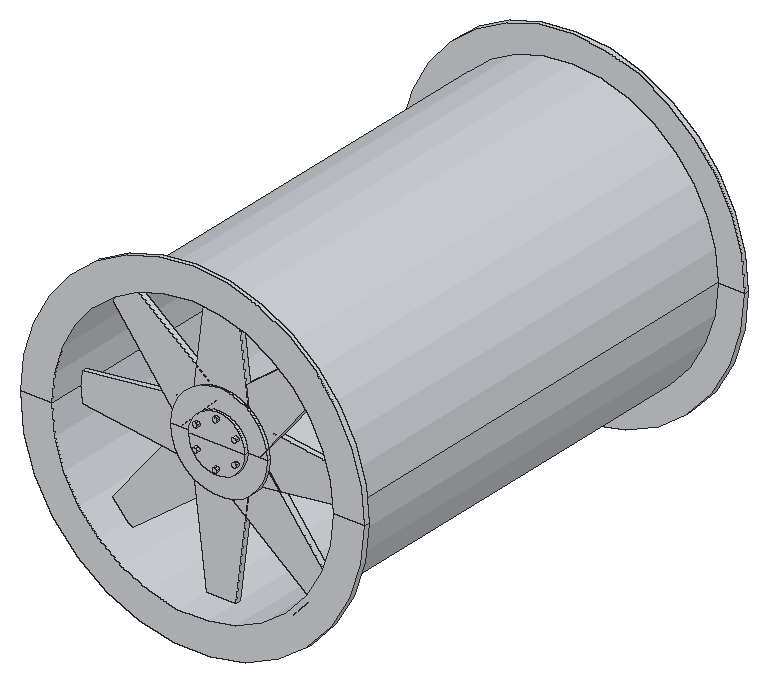
Revit family "CADS_Vent-Axia_MechEquip_Fan_BIFA_315_3Ph4P - EXTRACT", category Mechanical Equipment, Revit 2020
Family settings
  Round Connector Dimension = Use Diameter
  Part Type = Normal
  OmniClass Number = 23.75.00.00
  OmniClass Title = Climate Control (HVAC)
  Work Plane-Based = No
  Always vertical = Yes
  Cut with Voids When Loaded = No
  Shared = No
  Room Calculation Point = No
Parameters (values of type "BIFA313438")
  WorkingPressure = 0.0 Pa
  WarrantyStartDate [instance] = "1900-12-31T23:59:59"
  WarrantyPeriod = ""
  WarrantyIdentifier = "N/A"
  WarrantyGuarantorParts = "tech@vent-axia.com"
  WarrantyGuarantorLabor = "tech@vent-axia.com"
  WarrantyGuarantor = "Vent-Axia Limited"
  WarrantyEndDate [instance] = "1900-12-31T23:59:59"
  WarrantyContent = ""
  TemperatureRange = ""
  TagNumber [instance] = "N/A"
  SustainabilityPerformance = ""
  Status = "New"
  Size = ""
  Shape = ""
  ServiceLifeType = ""
  ServiceLifeDuration = ""
  SerialNumber [instance] = "N/A"
  ReplacementCost = ""
  RatedVoltage = 0 V
  RatedCurrent = 0 A
  Quantity = 1
  ProductionYear = ""
  PressureCurve = ""
  PowerFactor = ""
  PointOfContact = ""
  NumberOfPoles = 0
  NominalWidth = 315 mm
  NominalLength = 535 mm
  NominalHeight = 315 mm
  NominalFrequencyRange = ""
  NominalDiameter = 315 mm
  ModelReference = "BIF 315MM 3PH 4P 38DEG"
  ModelNumber = "BIFA313438"
  Material = ""
  ManufacturerE-Mail = "tech@vent-axia.com"
  ManufacturerAddress = "Fleming Way\nCrawley \nRH10 9YX"
  IsExtendedWarranty = no
  InsulationStandardClass = ""
  InstallationDate [instance] = "1900-12-31T23:59:59"
  IfcExportType [instance] = ""
  IfcExportAs = "IfcFanType"
  IP_Code = ""
  HasProtectiveEarth = no
  GrossWeight = 0.00 kg
  Grade = ""
  GlobalTradeItemNumber [instance] = "N/A"
  Fitting Type = "Ignore"
  Finish = ""
  Features = ""
  ExteriorInsulation = no
  ExpectedServiceLife = 0
  Exclusions = ""
  DurationUnit = "Year"
  Default Elevation = 0 mm
  Constituents = ""
  ConductorFunction = ""
  Color = ""
  CodePerformance = ""
  Category = ""
  CADS_Usage = 0
  CADS_Index = 0
  AssetType = "FIXED"
  AssetIdentifier [instance] = "N/A"
  AssemblyPlace = "UNKNOWN"
  ArticleNumber [instance] = "N/A"
  AirflowRateRange = 0.0 L/s
  Air Flow [instance] = 0.0 L/s
  AccessibilityPerformance = ""
Types (14, lengths in mm): name | ModelReference | ModelNumber
  BIFA313410 | "BIF 315MM 3PH 4P 10DEG" | "BIFA313410"
  BIFA313412 | "BIF 315MM 3PH 4P 12DEG" | "BIFA313412"
  BIFA313414 | "BIF 315MM 3PH 4P 14DEG" | "BIFA313414"
  BIFA313416 | "BIF 315MM 3PH 4P 16DEG" | "BIFA313416"
  BIFA313418 | "BIF 315MM 3PH 4P 18DEG" | "BIFA313418"
  BIFA313420 | "BIF 315MM 3PH 4P 20DEG" | "BIFA313420"
  BIFA313422 | "BIF 315MM 3PH 4P 22DEG" | "BIFA313422"
  BIFA313424 | "BIF 315MM 3PH 4P 24DEG" | "BIFA313424"
  BIFA313426 | "BIF 315MM 3PH 4P 26DEG" | "BIFA313426"
  BIFA313428 | "BIF 315MM 3PH 4P 28DEG" | "BIFA313428"
  BIFA313432 | "BIF 315MM 3PH 4P 32DEG" | "BIFA313432"
  BIFA313434 | "BIF 315MM 3PH 4P 34DEG" | "BIFA313434"
  BIFA313436 | "BIF 315MM 3PH 4P 36DEG" | "BIFA313436"
  BIFA313438 | "BIF 315MM 3PH 4P 38DEG" | "BIFA313438"
Reference planes
  plane 1 "Center (Front/Back)": y = 0
  plane 2: z = 0
  plane 3 "Center (Left/Right)": x = 0
  plane 4: x = -157.5
  plane 5: x = 157.5
  plane 6 "F": y = -267.5
  plane 7 "B": y = 267.5
  plane 8: x = -192.5
  plane 9: y = 262.5
  plane 10: y = -262.5
  plane 11: x = -162.5
  plane 12: y = -227.5
Forms (mm)
  Revolve 1, solid
    sketch origin (0, 0, 0) x (1, 0, 0) y (0, 1, 0)
      loop
        line (-192.5, -267.5) -> (-157.5, -267.5) -> (-157.5, 267.5) -> (-192.5, 267.5) -> (-192.5, 262.5) -> (-162.5, 262.5) -> (-162.5, -262.5) -> (-192.5, -262.5) -> (-192.5, -267.5)
      axis (0, 267.5) -> (0, -267.5)
    angle from 0 to 360
Dimensions and locks
  equal spacing: plane 4, plane 3 "Center (Left/Right)", plane 5
  equal spacing: plane 7 "B", plane 1 "Center (Front/Back)", plane 6 "F"
  "NominalLength": plane 7 "B" to plane 6 "F"
  "NominalDiameter": plane 4 to plane 5
  locked: plane 11 to plane 4 at 5
  locked: plane 8 to plane 11 at 30
  locked: plane 6 "F" to plane 10 at 5
  locked: plane 7 "B" to plane 9 at 5
  locked: plane 6 "F" to plane 12 at 40
  aligned and locked: level to plane 2
  aligned and locked: nested 1 to plane 12
Automatic sketch dimensions
  plane 6 "F" to Revolve 1 sketch curve = 0 mm
  Revolve 1 sketch curve to plane 8 = 0 mm  (x2)
  plane 10 to Revolve 1 sketch curve = 0 mm
  Revolve 1 sketch curve to plane 11 = 0 mm
  Revolve 1 sketch curve to plane 4 = 0 mm
  Revolve 1 sketch curve to plane 3 "Center (Left/Right)" = 0 mm
  plane 1 "Center (Front/Back)" to Revolve 1 sketch curve = 0 mm
  Revolve 1 sketch curve to plane 9 = 0 mm
  Revolve 1 sketch curve to plane 7 "B" = 0 mm
  plane 6 "F" to Revolve 1 sketch curve = 115 mm
Nested families
  nested 1: "Fan for BIFA" at (0, -227.5, 0), ND <- "NominalDiameter", type "Fan for BIFA"
    with hub 31.5 mm, ND 315 mm, BoltPCD 25.2 mm, Bolt Count 6, B_Diam 5 mm
  nested 2: "Bolts" at (21.824, -236.672, -12.6) x (-0.5, 0, -0.866) z (0, 1, 0), type "Bolts"
    with bd 5 mm
  nested 3: "Bolts" at (0, -236.672, -25.2) x (-1, 0, 0) z (0, 1, 0), type "Bolts"
    with bd 5 mm
  nested 4: "Bolts" at (-21.824, -236.672, -12.6) x (-0.5, 0, 0.866) z (0, 1, 0), type "Bolts"
    with bd 5 mm
  nested 5: "Bolts" at (-21.824, -236.672, 12.6) x (0.5, 0, 0.866) z (0, 1, 0), type "Bolts"
    with bd 5 mm
  nested 6: "Bolts" at (21.824, -236.672, 12.6) x (0.5, 0, -0.866) z (0, 1, 0), type "Bolts"
    with bd 5 mm
  nested 7: "Bolts" at (0, -236.672, 25.2) x (1, 0, 0) z (0, 1, 0), type "Bolts"
    with bd 5 mm
  nested 8: "BIFA Blade" at (0, -227.5, 0), type "BIFA Blade"
    with a 20.00°, HR 31.5 mm, HD 63 mm, BT 31.5 mm, BR 126 mm, BH 40 mm, BD 315 mm, BB 63 mm
  nested 9: "BIFA Blade" at (0, -227.5, 0) x (0.7071, 0, -0.7071) z (0.7071, 0, 0.7071), type "BIFA Blade"
    with a 20.00°, HR 31.5 mm, HD 63 mm, BT 31.5 mm, BR 126 mm, BH 40 mm, BD 315 mm, BB 63 mm
  nested 10: "BIFA Blade" at (0, -227.5, 0) x (0, 0, -1) z (1, 0, 0), type "BIFA Blade"
    with a 20.00°, HR 31.5 mm, HD 63 mm, BT 31.5 mm, BR 126 mm, BH 40 mm, BD 315 mm, BB 63 mm
  nested 11: "BIFA Blade" at (0, -227.5, 0) x (-0.7071, 0, -0.7071) z (0.7071, 0, -0.7071), type "BIFA Blade"
    with a 20.00°, HR 31.5 mm, HD 63 mm, BT 31.5 mm, BR 126 mm, BH 40 mm, BD 315 mm, BB 63 mm
  nested 12: "BIFA Blade" at (0, -227.5, 0) x (-1, 0, 0) z (0, 0, -1), type "BIFA Blade"
    with a 20.00°, HR 31.5 mm, HD 63 mm, BT 31.5 mm, BR 126 mm, BH 40 mm, BD 315 mm, BB 63 mm
  nested 13: "BIFA Blade" at (0, -227.5, 0) x (-0.7071, 0, -0.7071) z (-0.7071, 0, 0.7071), type "BIFA Blade"
    with a 20.00°, HR 31.5 mm, HD 63 mm, BT 31.5 mm, BR 126 mm, BH 40 mm, BD 315 mm, BB 63 mm
  nested 14: "BIFA Blade" at (0, -227.5, 0) x (0, 0, -1) z (-1, 0, 0), type "BIFA Blade"
    with a 20.00°, HR 31.5 mm, HD 63 mm, BT 31.5 mm, BR 126 mm, BH 40 mm, BD 315 mm, BB 63 mm
  nested 15: "BIFA Blade" at (0, -227.5, 0) x (0.7071, 0, -0.7071) z (-0.7071, 0, -0.7071), type "BIFA Blade"
    with a 20.00°, HR 31.5 mm, HD 63 mm, BT 31.5 mm, BR 126 mm, BH 40 mm, BD 315 mm, BB 63 mm
Connectors
  hvac at (0, -267.5, 0), driven by "NominalDiameter", driven by "Air Flow"
    settings: on Revolve 1, index 1, duct flow 0.0 L/s, flow factor 0, pres drop 0.0 Pa, loss coef 0, conn angle 0.00°, conn width 304.8 mm, conn height 304.8 mm, conn diameter 315 mm, duct sys type 2, conn prof type 0, flow config 0, flow direction 1, loss method 0, conn ref index -1, conn util no, is conn primary yes, conn desc ""
  hvac at (0, 267.5, 0), driven by "NominalDiameter", driven by "Air Flow"
    settings: on Revolve 1, index 2, duct flow 0.0 L/s, flow factor 0, pres drop 0.0 Pa, loss coef 0, conn angle 0.00°, conn width 304.8 mm, conn height 304.8 mm, conn diameter 315 mm, duct sys type 3, conn prof type 0, flow config 1, flow direction 2, loss method 0, conn ref index -1, conn util no, is conn primary no, conn desc ""
Definition of nested family "Fan for BIFA"
  Parameters (values of type "Fan for BIFA")
    hub [instance] = ND / 10  # 50 mm
    ND [instance] = 500 mm
    Model = "."
    Default Elevation = 0 mm
    BoltPCD [instance] = hub - (hub * 0.2)  # 40 mm
    Bolt Count [instance] = if(hub < 50 mm, 6, 8)  # 8
    B_Diam [instance] = if(hub < 50 mm, 5 mm, 10 mm)  # 10 mm
  Reference planes
    plane 1 "Center (Front/Back)": y = 0
    plane 2: z = 0
    plane 3 "Center (Left/Right)": x = 0
    plane 4 "back": y = 20
    plane 5 "bolts": y = -9.172
    plane 6 "B": z = 50
    plane 7: x = -72.587
    plane 8: x = -50
    plane 9 "hubface": y = -6.172
  Forms (mm)
    Revolve 1, solid
      sketch origin (0, 0, 0) x (1, 0, 0) y (0, 1, 0)
        loop
          line (0, 20) -> (-50, 20) -> (-50, 10.504) -> (-72.587, 10.504) -> (-72.587, -2.597) -> (-50, -2.597) -> (-50, -6.172) -> (0, -6.172) -> (0, 20)
        axis (0, 20) -> (0, -6.172)
      angle from 0 to 360
    Extrusion 2, solid, not visible
      sketch origin (0, -6.347, -4) x (-1, 0, 0) y (0, 0, 1)
        loop
          circle (0, 84) r 5
      from 0 to 3
  Lines and regions (mm)
    symbolic lines
      curve 1: circle (0, -9.172, 0) r 40 normal (0, 1, 0)
    model lines, not visible
      curve 2: line (0, -6.347, 85) -> (0, -6.347, 75)
  Dimensions and locks
    "hub": plane 6 "B" to plane 2
    "hub": nested 3 to plane 3 "Center (Left/Right)"
    "hub": nested 4 to plane 3 "Center (Left/Right)"
    "hub": nested 5 to plane 3 "Center (Left/Right)"
    "hub": plane 3 "Center (Left/Right)" to nested 6
    "hub": Revolve 1 sketch curve to Revolve 1 sketch curve
    "hub": plane 3 "Center (Left/Right)" to nested 7
    "hub": plane 3 "Center (Left/Right)" to nested 8
    "hub": plane 3 "Center (Left/Right)" to nested 9
    "hub": plane 8 to plane 3 "Center (Left/Right)"
    plane 7 to plane 8 = 22.587 mm
    diameter of Extrusion 2 sketch curve = 10 mm
    "BoltPCD": radius of curve 1
    "BoltPCD": radius of radial array
    aligned and locked: level to plane 2
    aligned and locked: plane 6 "B" to nested 1
  Automatic sketch dimensions
    Revolve 1 sketch curve to plane 7 = 0 mm
    Revolve 1 sketch curve to plane 8 = 0 mm  (x2)
    Revolve 1 sketch curve to plane 3 "Center (Left/Right)" = 0 mm
    Revolve 1 sketch curve to plane 9 "hubface" = 0 mm
    plane 4 "back" to Revolve 1 sketch curve = 0 mm
    plane 1 "Center (Front/Back)" to Revolve 1 sketch curve = 2.597 mm
    plane 4 "back" to Revolve 1 sketch curve = 9.496 mm
    plane 4 "back" to Revolve 1 sketch curve = 5 mm
    Revolve 1 sketch curve to Revolve 1 sketch curve = 45 mm
    curve 1 to level = 0 mm
    curve 1 to plane 3 "Center (Left/Right)" = 0 mm
  Nested families
    nested 1: "BIFA Blade" at (0, 0, 25), BD <- "ND", HD <- "hub", type "BIFA Blade"
      with a 20.00°, HR 25 mm, HD 50 mm, BT 25 mm, BR 100 mm, BH 40 mm, BD 250 mm, BB 50 mm
    nested 2: "BIFA Blade" at (0, 0, 55), BD <- "ND", HD <- "hub", type "BIFA Blade", not visible
      with a 20.00°, HR 25 mm, HD 50 mm, BT 25 mm, BR 100 mm, BH 40 mm, BD 250 mm, BB 50 mm
    nested 3: "BIFA Blade" at (17.678, 0, 17.678) x (0.7071, 0, -0.7071) z (0.7071, 0, 0.7071), BD <- "ND", HD <- "hub", type "BIFA Blade"
      with a 20.00°, HR 25 mm, HD 50 mm, BT 25 mm, BR 100 mm, BH 40 mm, BD 250 mm, BB 50 mm
    nested 4: "BIFA Blade" at (25, 0, 0) x (0, 0, -1) z (1, 0, 0), BD <- "ND", HD <- "hub", type "BIFA Blade"
      with a 20.00°, HR 25 mm, HD 50 mm, BT 25 mm, BR 100 mm, BH 40 mm, BD 250 mm, BB 50 mm
    nested 5: "BIFA Blade" at (17.678, 0, -17.678) x (-0.7071, 0, -0.7071) z (0.7071, 0, -0.7071), BD <- "ND", HD <- "hub", type "BIFA Blade"
      with a 20.00°, HR 25 mm, HD 50 mm, BT 25 mm, BR 100 mm, BH 40 mm, BD 250 mm, BB 50 mm
    nested 6: "BIFA Blade" at (0, 0, -25) x (-1, 0, 0) z (0, 0, -1), BD <- "ND", HD <- "hub", type "BIFA Blade"
      with a 20.00°, HR 25 mm, HD 50 mm, BT 25 mm, BR 100 mm, BH 40 mm, BD 250 mm, BB 50 mm
    nested 7: "BIFA Blade" at (-17.678, 0, 17.678) x (-0.7071, 0, -0.7071) z (-0.7071, 0, 0.7071), BD <- "ND", HD <- "hub", type "BIFA Blade"
      with a 20.00°, HR 25 mm, HD 50 mm, BT 25 mm, BR 100 mm, BH 40 mm, BD 250 mm, BB 50 mm
    nested 8: "BIFA Blade" at (-25, 0, 0) x (0, 0, -1) z (-1, 0, 0), BD <- "ND", HD <- "hub", type "BIFA Blade"
      with a 20.00°, HR 25 mm, HD 50 mm, BT 25 mm, BR 100 mm, BH 40 mm, BD 250 mm, BB 50 mm
    nested 9: "BIFA Blade" at (-17.678, 0, -17.678) x (0.7071, 0, -0.7071) z (-0.7071, 0, -0.7071), BD <- "ND", HD <- "hub", type "BIFA Blade"
      with a 20.00°, HR 25 mm, HD 50 mm, BT 25 mm, BR 100 mm, BH 40 mm, BD 250 mm, BB 50 mm
    nested 10: "Bolts" at (0, -9.172, 40) x (1, 0, 0) z (0, 1, 0), bd <- "B_Diam", type "Bolts"
      with bd 10 mm
    nested 11: "Bolts" at (28.284, -9.172, 28.284) x (0.7071, 0, -0.7071) z (0, 1, 0), bd <- "B_Diam", type "Bolts"
      with bd 10 mm
    nested 12: "Bolts" at (-28.284, -9.172, 28.284) x (0.7071, 0, 0.7071) z (0, 1, 0), bd <- "B_Diam", type "Bolts"
      with bd 10 mm
    nested 13: "Bolts" at (-40, -9.172, 0) x (0, 0, 1) z (0, 1, 0), bd <- "B_Diam", type "Bolts"
      with bd 10 mm
    nested 14: "Bolts" at (-28.284, -9.172, -28.284) x (-0.7071, 0, 0.7071) z (0, 1, 0), bd <- "B_Diam", type "Bolts"
      with bd 10 mm
    nested 15: "Bolts" at (0, -9.172, -40) x (-1, 0, 0) z (0, 1, 0), bd <- "B_Diam", type "Bolts"
      with bd 10 mm
    nested 16: "Bolts" at (28.284, -9.172, -28.284) x (-0.7071, 0, -0.7071) z (0, 1, 0), bd <- "B_Diam", type "Bolts"
      with bd 10 mm
    nested 17: "Bolts" at (40, -9.172, 0) x (0, 0, -1) z (0, 1, 0), bd <- "B_Diam", type "Bolts"
      with bd 10 mm
  Definition of nested family "BIFA Blade"
    Parameters (values of type "BIFA Blade")
      a [instance] = 20.00°
      HR [instance] = HD / 2  # 30 mm
      HD [instance] = BD / 5  # 60 mm
      Default Elevation = 1219.2 mm
      BT [instance] = BD / 10  # 30 mm
      BR [instance] = (BD / 2) - HR  # 120 mm
      BH [instance] = 40 mm
      BD [instance] = 300 mm
      BB [instance] = BD / 5  # 60 mm
    Reference planes
      plane 1 "Center (Front/Back)": y = 0
      plane 2: z = 0
      plane 3 "Center (Left/Right)": x = 0
      plane 4 "Blade Bot": z = 30
      plane 5: x = -30
      plane 6: x = 30
      plane 7: x = -15
      plane 8: x = 15
    Forms (mm)
      Blend 1, solid
        base sketch origin (0, 0, 30) x (-1, 0, 0) y (0, -1, 0)
          loop
            line (30, 0) -> (-30, 0) -> (-30, -6) -> (30, -6) -> (30, 0)
        top sketch origin (0, 0, 30) x (-1, 0, 0) y (0, -1, 0)
          loop
            line (15, -6) -> (15, 0) -> (-15, 0) -> (-15, -6) -> (15, -6)
        from 0 to 120 <- "BR"
    Dimensions and locks
      "HR": plane 4 "Blade Bot" to level
      equal spacing: plane 8, plane 3 "Center (Left/Right)", plane 7
      "BT": plane 8 to plane 7
      equal spacing: plane 6, plane 3 "Center (Left/Right)", plane 5
      "BB": plane 6 to plane 5
      aligned and locked: level to plane 2
    Automatic sketch dimensions
      plane 1 "Center (Front/Back)" to Blend 1 sketch curve = 0 mm  (x2)
      Blend 1 sketch curve to plane 6 = 0 mm
      Blend 1 sketch curve to plane 5 = 0 mm
      Blend 1 sketch curve to plane 1 "Center (Front/Back)" = 6 mm  (x2)
      Blend 1 sketch curve to plane 8 = 0 mm
      Blend 1 sketch curve to plane 7 = 0 mm
  Definition of nested family "Bolts"
    Parameters
      bd [instance] = 10 mm
      Default Elevation = 1219.2 mm
    Reference planes
      plane 1 "Center (Front/Back)": y = 0
      plane 2: z = 0
      plane 3 "Center (Left/Right)": x = 0
    Forms (mm)
      Extrusion 1, solid
        sketch origin (0, 0, 0) x (1, 0, 0) y (0, 1, 0)
          loop
            line (-1219.2, 1219.2) -> (-1219.2, -1219.2) -> (1219.2, -1219.2) -> (1219.2, 1219.2) -> (-1219.2, 1219.2)
        from 0 to -304.8
      Extrusion 2, solid
        sketch origin (0, 0, 0) x (1, 0, 0) y (0, 1, 0)
          loop
            circle (0, 0) r 5
        from 0 to 3
    Dimensions and locks
      "bd": diameter of Extrusion 2 sketch curve
      aligned and locked: plane 2 to Extrusion 1
      aligned and locked: level to Extrusion 1
    Automatic sketch dimensions
      Extrusion 1 sketch curve to Extrusion 1 sketch curve = 2438.4 mm  (x2)
      plane 1 "Center (Front/Back)" to Extrusion 2 sketch curve = 0 mm
      Extrusion 2 sketch curve to plane 3 "Center (Left/Right)" = 0 mm
Definition of nested family "Bolts"
  Parameters
    bd [instance] = 10 mm
    Default Elevation = 1219.2 mm
  Reference planes
    plane 1 "Center (Front/Back)": y = 0
    plane 2: z = 0
    plane 3 "Center (Left/Right)": x = 0
  Forms (mm)
    Extrusion 1, solid
      sketch origin (0, 0, 0) x (1, 0, 0) y (0, 1, 0)
        loop
          line (-1219.2, 1219.2) -> (-1219.2, -1219.2) -> (1219.2, -1219.2) -> (1219.2, 1219.2) -> (-1219.2, 1219.2)
      from 0 to -304.8
    Extrusion 2, solid
      sketch origin (0, 0, 0) x (1, 0, 0) y (0, 1, 0)
        loop
          circle (0, 0) r 5
      from 0 to 3
  Dimensions and locks
    "bd": diameter of Extrusion 2 sketch curve
    aligned and locked: plane 2 to Extrusion 1
    aligned and locked: level to Extrusion 1
  Automatic sketch dimensions
    Extrusion 1 sketch curve to Extrusion 1 sketch curve = 2438.4 mm  (x2)
    plane 1 "Center (Front/Back)" to Extrusion 2 sketch curve = 0 mm
    Extrusion 2 sketch curve to plane 3 "Center (Left/Right)" = 0 mm
Definition of nested family "BIFA Blade"
  Parameters (values of type "BIFA Blade")
    a [instance] = 20.00°
    HR [instance] = HD / 2  # 30 mm
    HD [instance] = BD / 5  # 60 mm
    Default Elevation = 1219.2 mm
    BT [instance] = BD / 10  # 30 mm
    BR [instance] = (BD / 2) - HR  # 120 mm
    BH [instance] = 40 mm
    BD [instance] = 300 mm
    BB [instance] = BD / 5  # 60 mm
  Reference planes
    plane 1 "Center (Front/Back)": y = 0
    plane 2: z = 0
    plane 3 "Center (Left/Right)": x = 0
    plane 4 "Blade Bot": z = 30
    plane 5: x = -30
    plane 6: x = 30
    plane 7: x = -15
    plane 8: x = 15
  Forms (mm)
    Blend 1, solid
      base sketch origin (0, 0, 30) x (-1, 0, 0) y (0, -1, 0)
        loop
          line (30, 0) -> (-30, 0) -> (-30, -6) -> (30, -6) -> (30, 0)
      top sketch origin (0, 0, 30) x (-1, 0, 0) y (0, -1, 0)
        loop
          line (15, -6) -> (15, 0) -> (-15, 0) -> (-15, -6) -> (15, -6)
      from 0 to 120 <- "BR"
  Dimensions and locks
    "HR": plane 4 "Blade Bot" to level
    equal spacing: plane 8, plane 3 "Center (Left/Right)", plane 7
    "BT": plane 8 to plane 7
    equal spacing: plane 6, plane 3 "Center (Left/Right)", plane 5
    "BB": plane 6 to plane 5
    aligned and locked: level to plane 2
  Automatic sketch dimensions
    plane 1 "Center (Front/Back)" to Blend 1 sketch curve = 0 mm  (x2)
    Blend 1 sketch curve to plane 6 = 0 mm
    Blend 1 sketch curve to plane 5 = 0 mm
    Blend 1 sketch curve to plane 1 "Center (Front/Back)" = 6 mm  (x2)
    Blend 1 sketch curve to plane 8 = 0 mm
    Blend 1 sketch curve to plane 7 = 0 mm
